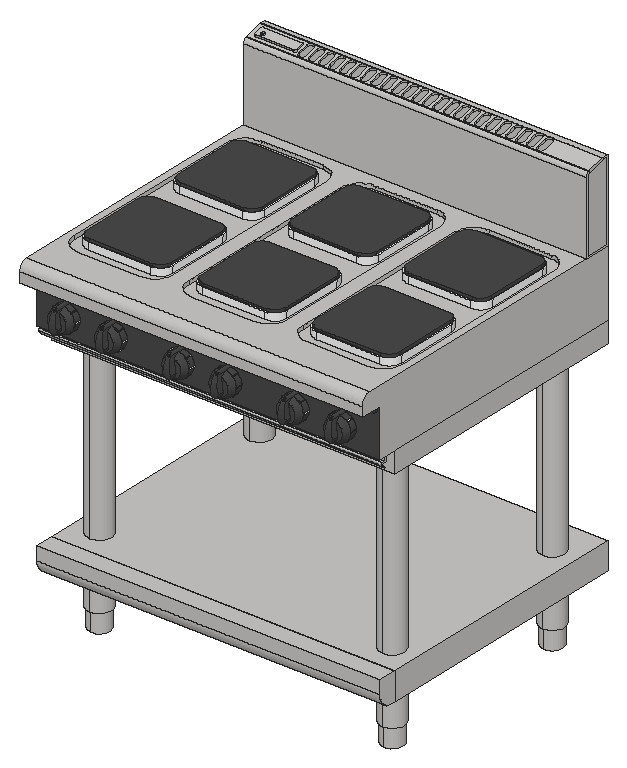
Revit family "QF_Moffat_RNB8600SE-LS_Electric_Cooktops_Sealed_Hobs_cat", category Specialty Equipment, Revit 2019
Family settings
  Round Connector Dimension = Use Diameter
  Part Type = Normal
  Work Plane-Based = No
  Always vertical = Yes
  Cut with Voids When Loaded = No
  Shared = No
  Room Calculation Point = No
Parameters
  Weight in Kilograms = 90
  Watts = 396 W
  Volts = 220 V
  URL Cutsheet = ""
  Specification by User = ""
  Specification by Manufacturer = ""
  Show Low Back [instance] = no
  Show Logo [instance] = yes
  Show High Back [instance] = not(Show Low Back)  # yes
  Serial Number = ""
  Seismic Rating = ""
  SMACNA No = ""
  Revision Code = ""
  Phase = 1
  Number of Poles = 1
  NAFEM Spec ID Number = ""
  Model = "RNB8600SE-LS"
  Min Ckt Ampacity = 0 A
  Max Overcurrent Protection = 0 A
  Masterspec = ""
  Manufacturer = "Moffat"
  Length = 900 mm
  Item Number = ""
  Installed By = ""
  Identify Quantity as Lot = yes
  Height = 1130 mm
  HP = ""
  Furnished By = ""
  Foodservice Equipment Identifier = yes
  FL Amps = 1.8 A
  Electrical Remarks = ""
  Electric Connection Type = ""
  Elec Conn RI Height = 0 mm
  Elec Conn Connection Height = 0 mm
  Description = "Electric Cooktops Sealed Hobs"
  Depth = 805 mm
  Cycle = 50 Hz
  Conn Plug = ""
  Conn Conduit = yes
  CSI MasterFormat = ""
  Apparent Power = if(Phase = 3, Volts * FL Amps * 1.73, Volts * FL Amps)  # 396 VA
Reference planes
  plane 1 "BACK": y = 0
  plane 2: z = 0
  plane 3 "LEFT": x = 0
  plane 4 "RIGHT": x = 900
  plane 5 "FRONT": y = -805
  plane 6 "TOP": z = 1130
  plane 7 "Center Y": x = 450
  plane 8 "Center X": y = -402.5
Dimensions and locks
  equal spacing: plane 3 "LEFT", plane 7 "Center Y", plane 4 "RIGHT"
  "Length": plane 3 "LEFT" to plane 4 "RIGHT"
  equal spacing: plane 5 "FRONT", plane 8 "Center X", plane 1 "BACK"
  "Depth": plane 5 "FRONT" to plane 1 "BACK"
  "Height": plane 6 "TOP" to level
  aligned and locked: level to plane 2
Nested families
  nested 1: "RN8600SE-LS" at (0, 0, 0), type "E516S-LS"
  nested 2: "High and Low Option" at (0, 0, 0), High Back <- "Show High Back", Low Back <- "Show Low Back", Show Logo <- "Show Logo", type "RNLB8610SE"
    with Show Logo 2 yes, Show Logo 1 no, Show Logo yes, Low Back no, High Back yes
Connectors
  electrical at (770, -30, 675)
    settings: on nested 1, index 1, voltage 0 V, apparent load 0 VA, apparent load phase1 0 VA, apparent load phase2 0 VA, apparent load phase3 0 VA, power factor 1, load classification "Other", number of poles 1, system type 30, power factor state 1, is connector primary yes, connector utility no, sub classification motor no, connector description ""
Definition of nested family "RN8600SE-LS"
  Parameters (values of type "E516S-LS")
    Weight in Kilograms = 135
    Watts = Volts * FL Amps  # 8800 W
    Volts = 400 V
    URL Cutsheet = ""
    Specification by User = ""
    Specification by Manufacturer = ""
    Serial Number = ""
    Seismic Rating = ""
    SMACNA No = ""
    Revision Code = ""
    Phase = 3
    Number of Poles = 1
    NAFEM Spec ID Number = ""
    Model = "RN8600SE-LS"
    Min Ckt Ampacity = 0 A
    Max Overcurrent Protection = 0 A
    Masterspec = ""
    Manufacturer = "Moffat"
    Length = 900 mm
    Item Number = ""
    Installed By = ""
    Identify Quantity as Lot = yes
    Height = 915 mm
    HP = ""
    Furnished By = ""
    Foodservice Equipment Identifier = yes
    FL Amps = 22 A
    Electrical Remarks = ""
    Electric Connection Type = ""
    Elec Conn RI Height = 0 mm
    Elec Conn Connection Height = 0 mm
    Description = "Electric Cooktops Sealed Hobs"
    Depth = 805 mm
    Cycle = 50 Hz
    Conn Plug = ""
    Conn Conduit = yes
    CSI MasterFormat = ""
    Apparent Power = if(Phase = 3, Volts * FL Amps * 1.73, Volts * FL Amps)  # 15224 VA
  Reference planes
    plane 1 "BACK": y = 0
    plane 2: z = 0
    plane 3 "LEFT": x = 0
    plane 4 "RIGHT": x = 900
    plane 5 "FRONT": y = -805
    plane 6 "TOP": z = 915
    plane 7 "Center Y": x = 450
    plane 8 "Center X": y = -402.5
    plane 9: x = 65.5
    plane 10: x = 87.5
    plane 11: x = 211.766
    plane 12: y = -30
    plane 13: x = 770
    plane 14: x = 512.5
    plane 15: x = 388.234
    plane 16: x = 834.5
    plane 17: y = -100
    plane 18: y = -625
    plane 19: x = 812.5
    plane 20: x = 688.234
  Forms (mm)
    Extrusion 1, solid
      sketch origin (0, 0, 600) x (0, 1, 0) y (0, 0, 1)
        loop
          line (0, 140) -> (0, 315) -> (-781, 315)
          arc (-781, 315) -> (-797.971, 307.971) -> (-805, 291) r 24
          line (-805, 291) -> (-805, 266) -> (-749, 266) -> (-749, 140) -> (0, 140)
      from 0 to 900
    Extrusion 2, void
      sketch origin (0, -773.8, 915) x (0, 1, 0) y (-1, 0, 0)
        loop
          arc (673.6, -69) -> (658.955, -33.645) -> (623.6, -19) r 50
          line (623.6, -19) -> (123.399, -19)
          arc (123.399, -19) -> (88.044, -33.645) -> (73.399, -69) r 50
          line (73.399, -69) -> (73.399, -231)
          arc (73.399, -231) -> (88.044, -266.355) -> (123.399, -281) r 50
          line (123.399, -281) -> (623.6, -281)
          arc (623.6, -281) -> (658.955, -266.355) -> (673.6, -231) r 50
          line (673.6, -231) -> (673.6, -69)
        loop
          line (673.6, -831) -> (673.6, -669)
          arc (673.6, -669) -> (658.955, -633.645) -> (623.6, -619) r 50
          line (623.6, -619) -> (123.399, -619)
          arc (123.399, -619) -> (88.044, -633.645) -> (73.399, -669) r 50
          line (73.399, -669) -> (73.399, -831)
          arc (73.399, -831) -> (88.044, -866.355) -> (123.399, -881) r 50
          line (123.399, -881) -> (623.6, -881)
          arc (623.6, -881) -> (658.955, -866.355) -> (673.6, -831) r 50
        loop
          line (73.399, -369) -> (73.399, -531)
          arc (73.399, -531) -> (88.044, -566.355) -> (123.399, -581) r 50
          line (123.399, -581) -> (623.6, -581)
          arc (623.6, -581) -> (658.955, -566.355) -> (673.6, -531) r 50
          line (673.6, -531) -> (673.6, -369)
          arc (673.6, -369) -> (658.955, -333.645) -> (623.6, -319) r 50
          line (623.6, -319) -> (123.399, -319)
          arc (123.399, -319) -> (88.044, -333.645) -> (73.399, -369) r 50
      from 0 to -9.5
    Extrusion 3, solid
      sketch origin (0, -773.8, 905.5) x (0, 1, 0) y (-1, 0, 0)
        loop
          arc (637.6, -68) -> (628.227, -45.373) -> (605.6, -36) r 32
          line (605.6, -36) -> (441.399, -36)
          arc (441.399, -36) -> (418.772, -45.373) -> (409.399, -68) r 32
          line (409.399, -68) -> (409.399, -232)
          arc (409.399, -232) -> (418.772, -254.627) -> (441.399, -264) r 32
          line (441.399, -264) -> (605.6, -264)
          arc (605.6, -264) -> (628.227, -254.627) -> (637.6, -232) r 32
          line (637.6, -232) -> (637.6, -68)
        loop
          arc (337.399, -68) -> (328.027, -45.373) -> (305.399, -36) r 32
          line (305.399, -36) -> (141.399, -36)
          arc (141.399, -36) -> (118.772, -45.373) -> (109.399, -68) r 32
          line (109.399, -68) -> (109.399, -232)
          arc (109.399, -232) -> (118.772, -254.627) -> (141.399, -264) r 32
          line (141.399, -264) -> (305.399, -264)
          arc (305.399, -264) -> (328.027, -254.627) -> (337.399, -232) r 32
          line (337.399, -232) -> (337.399, -68)
        loop
          arc (637.6, -368) -> (628.227, -345.373) -> (605.6, -336) r 32
          line (605.6, -336) -> (441.399, -336)
          arc (441.399, -336) -> (418.772, -345.373) -> (409.399, -368) r 32
          line (409.399, -368) -> (409.399, -532)
          arc (409.399, -532) -> (418.772, -554.627) -> (441.399, -564) r 32
          line (441.399, -564) -> (605.6, -564)
          arc (605.6, -564) -> (628.227, -554.627) -> (637.6, -532) r 32
          line (637.6, -532) -> (637.6, -368)
        loop
          arc (409.399, -832) -> (418.772, -854.627) -> (441.399, -864) r 32
          line (441.399, -864) -> (605.6, -864)
          arc (605.6, -864) -> (628.227, -854.627) -> (637.6, -832) r 32
          line (637.6, -832) -> (637.6, -668)
          arc (637.6, -668) -> (628.227, -645.373) -> (605.6, -636) r 32
          line (605.6, -636) -> (441.399, -636)
          arc (441.399, -636) -> (418.772, -645.373) -> (409.399, -668) r 32
          line (409.399, -668) -> (409.399, -832)
        loop
          arc (337.399, -368) -> (328.027, -345.373) -> (305.399, -336) r 32
          line (305.399, -336) -> (141.399, -336)
          arc (141.399, -336) -> (118.772, -345.373) -> (109.399, -368) r 32
          line (109.399, -368) -> (109.399, -532)
          arc (109.399, -532) -> (118.772, -554.627) -> (141.399, -564) r 32
          line (141.399, -564) -> (305.399, -564)
          arc (305.399, -564) -> (328.027, -554.627) -> (337.399, -532) r 32
          line (337.399, -532) -> (337.399, -368)
        loop
          arc (109.399, -832) -> (118.772, -854.627) -> (141.399, -864) r 32
          line (141.399, -864) -> (305.399, -864)
          arc (305.399, -864) -> (328.027, -854.627) -> (337.399, -832) r 32
          line (337.399, -832) -> (337.399, -668)
          arc (337.399, -668) -> (328.027, -645.373) -> (305.399, -636) r 32
          line (305.399, -636) -> (141.399, -636)
          arc (141.399, -636) -> (118.772, -645.373) -> (109.399, -668) r 32
          line (109.399, -668) -> (109.399, -832)
      from 0 to 17.8
    Extrusion 4, solid
      sketch origin (0, -773.8, 923.3) x (0, 1, 0) y (-1, 0, 0)
        loop
          arc (633.6, -67) -> (625.692, -47.908) -> (606.6, -40) r 27
          line (606.6, -40) -> (440.399, -40)
          arc (440.399, -40) -> (421.308, -47.908) -> (413.399, -67) r 27
          line (413.399, -67) -> (413.399, -233)
          arc (413.399, -233) -> (421.308, -252.092) -> (440.399, -260) r 27
          line (440.399, -260) -> (606.6, -260)
          arc (606.6, -260) -> (625.692, -252.092) -> (633.6, -233) r 27
          line (633.6, -233) -> (633.6, -67)
        loop
          arc (333.399, -67) -> (325.491, -47.908) -> (306.399, -40) r 27
          line (306.399, -40) -> (140.399, -40)
          arc (140.399, -40) -> (121.308, -47.908) -> (113.399, -67) r 27
          line (113.399, -67) -> (113.399, -233)
          arc (113.399, -233) -> (121.308, -252.092) -> (140.399, -260) r 27
          line (140.399, -260) -> (306.399, -260)
          arc (306.399, -260) -> (325.491, -252.092) -> (333.399, -233) r 27
          line (333.399, -233) -> (333.399, -67)
        loop
          line (633.6, -833) -> (633.6, -667)
          arc (633.6, -667) -> (625.692, -647.908) -> (606.6, -640) r 27
          line (606.6, -640) -> (440.399, -640)
          arc (440.399, -640) -> (421.308, -647.908) -> (413.399, -667) r 27
          line (413.399, -667) -> (413.399, -833)
          arc (413.399, -833) -> (421.308, -852.092) -> (440.399, -860) r 27
          line (440.399, -860) -> (606.6, -860)
          arc (606.6, -860) -> (625.692, -852.092) -> (633.6, -833) r 27
        loop
          line (413.399, -367) -> (413.399, -533)
          arc (413.399, -533) -> (421.308, -552.092) -> (440.399, -560) r 27
          line (440.399, -560) -> (606.6, -560)
          arc (606.6, -560) -> (625.692, -552.092) -> (633.6, -533) r 27
          line (633.6, -533) -> (633.6, -367)
          arc (633.6, -367) -> (625.692, -347.908) -> (606.6, -340) r 27
          line (606.6, -340) -> (440.399, -340)
          arc (440.399, -340) -> (421.308, -347.908) -> (413.399, -367) r 27
        loop
          line (333.399, -833) -> (333.399, -667)
          arc (333.399, -667) -> (325.491, -647.908) -> (306.399, -640) r 27
          line (306.399, -640) -> (140.399, -640)
          arc (140.399, -640) -> (121.308, -647.908) -> (113.399, -667) r 27
          line (113.399, -667) -> (113.399, -833)
          arc (113.399, -833) -> (121.308, -852.092) -> (140.399, -860) r 27
          line (140.399, -860) -> (306.399, -860)
          arc (306.399, -860) -> (325.491, -852.092) -> (333.399, -833) r 27
        loop
          line (113.399, -367) -> (113.399, -533)
          arc (113.399, -533) -> (121.308, -552.092) -> (140.399, -560) r 27
          line (140.399, -560) -> (306.399, -560)
          arc (306.399, -560) -> (325.491, -552.092) -> (333.399, -533) r 27
          line (333.399, -533) -> (333.399, -367)
          arc (333.399, -367) -> (325.491, -347.908) -> (306.399, -340) r 27
          line (306.399, -340) -> (140.399, -340)
          arc (140.399, -340) -> (121.308, -347.908) -> (113.399, -367) r 27
      from 0 to 6.1
    Extrusion 5, solid
      sketch origin (0, 0, 600) x (0, 1, 0) y (0, 0, 1)
        loop
          line (-699, 85) -> (0, 85) -> (0, 140) -> (-699, 140) -> (-699, 85)
      from 0 to 900
    Extrusion 6, solid
      sketch origin (0, 0, 600) x (0, 1, 0) y (0, 0, 1)
        loop
          line (-730.6, 140) -> (-730.6, 130) -> (-740.105, 130)
          arc (-740.105, 130) -> (-743.076, 128.015) -> (-742.379, 124.511) r 3.215
          line (-742.379, 124.511) -> (-731.85, 113.982) -> (-730.719, 115.113) -> (-741.247, 125.642)
          arc (-741.247, 125.642) -> (-741.597, 127.403) -> (-740.105, 128.4) r 1.615
          line (-740.105, 128.4) -> (-729, 128.4) -> (-729, 140) -> (-730.6, 140)
      from 0 to 900
    Extrusion 7, solid
      sketch origin (450, 175.397, 1819.2) x (0, 1, 0) y (0, 0, 1)
        loop
          line (-874.397, -1109.2) -> (-889.234, -1109.2)
          arc (-889.234, -1109.2) -> (-890.834, -1110.8) -> (-889.234, -1112.4) r 1.6
          line (-889.234, -1112.4) -> (-874.397, -1112.4) -> (-874.397, -1109.2)
      from -400 to 400
    Extrusion 8, solid
      sketch origin (0, -749, 711.25) x (0, 0, 1) y (-1, 0, 0)
        loop
          circle (129.8, -732.5) r 7.15
        loop
          circle (129.8, -857.5) r 7.15
        loop
          circle (129.8, -431.766) r 7.15
        loop
          circle (129.8, -556.766) r 7.15
        loop
          circle (129.8, -131.031) r 7.15
        loop
          circle (129.8, -256.031) r 7.15
      from 0 to 1.6
    Extrusion 9, solid
      sketch origin (0, -749, 711.25) x (0, 0, 1) y (-1, 0, 0)
        loop
          circle (142.343, -13.157) r 5
        loop
          circle (142.343, -886.843) r 5
      from 0 to 1.6
    Extrusion 10, solid
      sketch origin (-6096, 287.266, 675) x (0, 1, 0) y (-1, 0, 0)
        loop
          circle (-317.266, -6866) r 6.35
      from 10 to 0
    Extrusion 11, solid
      sketch origin (0, 0, 0) x (0, 1, 0) y (0, 0, 1)
        loop
          line (-749, 222.5) -> (-749, 188)
          arc (-749, 188) -> (-737.87, 161.13) -> (-711, 150) r 38
          line (-711, 150) -> (-699, 150) -> (-699, 222.5) -> (-749, 222.5)
      from 0 to 900
    Revolve 12, solid
      sketch origin (65.5, -4572, -304.8) x (0, 0, -1) y (0, -1, 0)
        loop
          line (-304.8, -3947) -> (-989.8, -3947) -> (-989.8, -3978.75) -> (-354.8, -3978.75) -> (-354.8, -3974.5) -> (-304.8, -3974.5) -> (-304.8, -3947)
        axis (-989.8, -3947) -> (-304.8, -3947)
      angle from 0 to 360
    Revolve 13, solid
      sketch origin (834.5, -4572, -304.8) x (0, 0, -1) y (0, 1, 0)
        loop
          line (-304.8, 3947) -> (-304.8, 3974.5) -> (-354.8, 3974.5) -> (-354.8, 3978.75) -> (-989.8, 3978.75) -> (-989.8, 3947) -> (-304.8, 3947)
        axis (-989.8, 3947) -> (-304.8, 3947)
      angle from 0 to 360
    Extrusion 14, solid
      sketch origin (0, 0, 0) x (0, 1, 0) y (0, 0, 1)
        loop
          line (-699, 222.5) -> (-699, 150) -> (0, 150) -> (0, 222.5) -> (-699, 222.5)
      from 0 to 900
    Revolve 15, solid
      sketch origin (834.5, 3847, -304.8) x (0, 0, -1) y (0, 1, 0)
        loop
          line (-304.8, -3947) -> (-989.8, -3947) -> (-989.8, -3978.75) -> (-354.8, -3978.75) -> (-354.8, -3974.5) -> (-304.8, -3974.5) -> (-304.8, -3947)
        axis (-989.8, -3947) -> (-304.8, -3947)
      angle from 0 to 360
    Revolve 16, solid
      sketch origin (65.5, 3847, -304.8) x (0, 0, -1) y (0, -1, 0)
        loop
          line (-304.8, 3947) -> (-304.8, 3974.5) -> (-354.8, 3974.5) -> (-354.8, 3978.75) -> (-989.8, 3978.75) -> (-989.8, 3947) -> (-304.8, 3947)
        axis (-989.8, 3947) -> (-304.8, 3947)
      angle from 0 to 360
  Cuts and joins
    Extrusion 2 cuts Extrusion 1
    joined: Extrusion 5, Extrusion 11
    joined: Revolve 12, Revolve 13, Extrusion 14, Revolve 15, Revolve 16
  Lines and regions (mm)
    symbolic lines
      curve 1: line (0, 0, 0) -> (900, 0, 0)
      curve 2: line (0, -805, 0) -> (0, 0, 0)
      curve 3: line (900, -805, 0) -> (0, -805, 0)
      curve 4: line (900, 0, 0) -> (900, -805, 0)
      curve 5: arc (19, -150.2, 0) -> (33.645, -114.845, 0) -> (69, -100.2, 0) r 50
      curve 6: line (69, -100.2, 0) -> (231, -100.2, 0)
      curve 7: arc (231, -100.2, 0) -> (266.355, -114.845, 0) -> (281, -150.2, 0) r 50
      curve 8: line (281, -150.2, 0) -> (281, -650.401, 0)
      curve 9: arc (281, -650.401, 0) -> (266.355, -685.756, 0) -> (231, -700.401, 0) r 50
      curve 10: line (231, -700.401, 0) -> (69, -700.401, 0)
      curve 11: arc (69, -700.401, 0) -> (33.645, -685.756, 0) -> (19, -650.401, 0) r 50
      curve 12: line (19, -650.401, 0) -> (19, -150.2, 0)
      curve 13: line (232, -136.2, 0) -> (68, -136.2, 0)
      curve 14: arc (68, -136.2, 0) -> (45.373, -145.573, 0) -> (36, -168.2, 0) r 32
      curve 15: line (36, -168.2, 0) -> (36, -332.401, 0)
      curve 16: arc (36, -332.401, 0) -> (45.373, -355.028, 0) -> (68, -364.401, 0) r 32
      curve 17: line (68, -364.401, 0) -> (232, -364.401, 0)
      curve 18: arc (232, -364.401, 0) -> (254.627, -355.028, 0) -> (264, -332.401, 0) r 32
      curve 19: line (264, -332.401, 0) -> (264, -168.2, 0)
      curve 20: arc (264, -168.2, 0) -> (254.627, -145.573, 0) -> (232, -136.2, 0) r 32
      curve 21: line (233, -140.2, 0) -> (67, -140.2, 0)
      curve 22: arc (67, -140.2, 0) -> (47.908, -148.108, 0) -> (40, -167.2, 0) r 27
      curve 23: line (40, -167.2, 0) -> (40, -333.401, 0)
      curve 24: arc (40, -333.401, 0) -> (47.908, -352.492, 0) -> (67, -360.401, 0) r 27
      curve 25: line (67, -360.401, 0) -> (233, -360.401, 0)
      curve 26: arc (233, -360.401, 0) -> (252.092, -352.492, 0) -> (260, -333.401, 0) r 27
      curve 27: line (260, -333.401, 0) -> (260, -167.2, 0)
      curve 28: arc (260, -167.2, 0) -> (252.092, -148.108, 0) -> (233, -140.2, 0) r 27
      curve 29: line (232, -436.401, 0) -> (68, -436.401, 0)
      curve 30: arc (68, -436.401, 0) -> (45.373, -445.773, 0) -> (36, -468.401, 0) r 32
      curve 31: line (36, -468.401, 0) -> (36, -632.401, 0)
      curve 32: arc (36, -632.401, 0) -> (45.373, -655.028, 0) -> (68, -664.401, 0) r 32
      curve 33: line (68, -664.401, 0) -> (232, -664.401, 0)
      curve 34: arc (232, -664.401, 0) -> (254.627, -655.028, 0) -> (264, -632.401, 0) r 32
      curve 35: line (264, -632.401, 0) -> (264, -468.401, 0)
      curve 36: arc (264, -468.401, 0) -> (254.627, -445.773, 0) -> (232, -436.401, 0) r 32
      curve 37: line (233, -440.401, 0) -> (67, -440.401, 0)
      curve 38: arc (67, -440.401, 0) -> (47.908, -448.309, 0) -> (40, -467.401, 0) r 27
      curve 39: line (40, -467.401, 0) -> (40, -633.401, 0)
      curve 40: arc (40, -633.401, 0) -> (47.908, -652.492, 0) -> (67, -660.401, 0) r 27
      curve 41: line (67, -660.401, 0) -> (233, -660.401, 0)
      curve 42: arc (233, -660.401, 0) -> (252.092, -652.492, 0) -> (260, -633.401, 0) r 27
      curve 43: line (260, -633.401, 0) -> (260, -467.401, 0)
      curve 44: arc (260, -467.401, 0) -> (252.092, -448.309, 0) -> (233, -440.401, 0) r 27
      curve 45: arc (367, -440.401, 0) -> (347.908, -448.309, 0) -> (340, -467.401, 0) r 27
      curve 46: line (340, -467.401, 0) -> (340, -633.401, 0)
      curve 47: arc (340, -633.401, 0) -> (347.908, -652.492, 0) -> (367, -660.401, 0) r 27
      curve 48: line (367, -660.401, 0) -> (533, -660.401, 0)
      curve 49: arc (533, -660.401, 0) -> (552.092, -652.492, 0) -> (560, -633.401, 0) r 27
      curve 50: line (560, -633.401, 0) -> (560, -467.401, 0)
      curve 51: arc (560, -467.401, 0) -> (552.092, -448.309, 0) -> (533, -440.401, 0) r 27
      curve 52: line (533, -440.401, 0) -> (367, -440.401, 0)
      curve 53: arc (368, -436.401, 0) -> (345.373, -445.773, 0) -> (336, -468.401, 0) r 32
      curve 54: line (336, -468.401, 0) -> (336, -632.401, 0)
      curve 55: arc (336, -632.401, 0) -> (345.373, -655.028, 0) -> (368, -664.401, 0) r 32
      curve 56: line (368, -664.401, 0) -> (532, -664.401, 0)
      curve 57: arc (532, -664.401, 0) -> (554.627, -655.028, 0) -> (564, -632.401, 0) r 32
      curve 58: line (564, -632.401, 0) -> (564, -468.401, 0)
      curve 59: arc (564, -468.401, 0) -> (554.627, -445.773, 0) -> (532, -436.401, 0) r 32
      curve 60: line (532, -436.401, 0) -> (368, -436.401, 0)
      curve 61: line (319, -650.401, 0) -> (319, -150.2, 0)
      curve 62: arc (319, -150.2, 0) -> (333.645, -114.845, 0) -> (369, -100.2, 0) r 50
      curve 63: line (369, -100.2, 0) -> (531, -100.2, 0)
      curve 64: arc (531, -100.2, 0) -> (566.355, -114.845, 0) -> (581, -150.2, 0) r 50
      curve 65: line (581, -150.2, 0) -> (581, -650.401, 0)
      curve 66: arc (581, -650.401, 0) -> (566.355, -685.756, 0) -> (531, -700.401, 0) r 50
      curve 67: line (531, -700.401, 0) -> (369, -700.401, 0)
      curve 68: arc (369, -700.401, 0) -> (333.645, -685.756, 0) -> (319, -650.401, 0) r 50
      curve 69: arc (368, -136.2, 0) -> (345.373, -145.573, 0) -> (336, -168.2, 0) r 32
      curve 70: line (336, -168.2, 0) -> (336, -332.401, 0)
      curve 71: arc (336, -332.401, 0) -> (345.373, -355.028, 0) -> (368, -364.401, 0) r 32
      curve 72: line (368, -364.401, 0) -> (532, -364.401, 0)
      curve 73: arc (532, -364.401, 0) -> (554.627, -355.028, 0) -> (564, -332.401, 0) r 32
      curve 74: line (564, -332.401, 0) -> (564, -168.2, 0)
      curve 75: arc (564, -168.2, 0) -> (554.627, -145.573, 0) -> (532, -136.2, 0) r 32
      curve 76: line (532, -136.2, 0) -> (368, -136.2, 0)
      curve 77: arc (367, -140.2, 0) -> (347.908, -148.108, 0) -> (340, -167.2, 0) r 27
      curve 78: line (340, -167.2, 0) -> (340, -333.401, 0)
      curve 79: arc (340, -333.401, 0) -> (347.908, -352.492, 0) -> (367, -360.401, 0) r 27
      curve 80: line (367, -360.401, 0) -> (533, -360.401, 0)
      curve 81: arc (533, -360.401, 0) -> (552.092, -352.492, 0) -> (560, -333.401, 0) r 27
      curve 82: line (560, -333.401, 0) -> (560, -167.2, 0)
      curve 83: arc (560, -167.2, 0) -> (552.092, -148.108, 0) -> (533, -140.2, 0) r 27
      curve 84: line (533, -140.2, 0) -> (367, -140.2, 0)
      curve 85: line (619, -650.401, 0) -> (619, -150.2, 0)
      curve 86: arc (619, -150.2, 0) -> (633.645, -114.845, 0) -> (669, -100.2, 0) r 50
      curve 87: line (669, -100.2, 0) -> (831, -100.2, 0)
      curve 88: arc (831, -100.2, 0) -> (866.355, -114.845, 0) -> (881, -150.2, 0) r 50
      curve 89: line (881, -150.2, 0) -> (881, -650.401, 0)
      curve 90: line (831, -700.401, 0) -> (669, -700.401, 0)
      curve 91: arc (669, -700.401, 0) -> (633.645, -685.756, 0) -> (619, -650.401, 0) r 50
      curve 92: arc (636, -632.401, 0) -> (645.373, -655.028, 0) -> (668, -664.401, 0) r 32
      curve 93: line (668, -664.401, 0) -> (832, -664.401, 0)
      curve 94: arc (832, -664.401, 0) -> (854.627, -655.028, 0) -> (864, -632.401, 0) r 32
      curve 95: line (864, -632.401, 0) -> (864, -468.401, 0)
      curve 96: arc (864, -468.401, 0) -> (854.627, -445.773, 0) -> (832, -436.401, 0) r 32
      curve 97: line (832, -436.401, 0) -> (668, -436.401, 0)
      curve 98: arc (668, -436.401, 0) -> (645.373, -445.773, 0) -> (636, -468.401, 0) r 32
      curve 99: line (636, -468.401, 0) -> (636, -632.401, 0)
      curve 100: arc (640, -633.401, 0) -> (647.908, -652.492, 0) -> (667, -660.401, 0) r 27
      curve 101: line (667, -660.401, 0) -> (833, -660.401, 0)
      curve 102: arc (833, -660.401, 0) -> (852.092, -652.492, 0) -> (860, -633.401, 0) r 27
      curve 103: line (860, -633.401, 0) -> (860, -467.401, 0)
      curve 104: arc (860, -467.401, 0) -> (852.092, -448.309, 0) -> (833, -440.401, 0) r 27
      curve 105: line (833, -440.401, 0) -> (667, -440.401, 0)
      curve 106: arc (667, -440.401, 0) -> (647.908, -448.309, 0) -> (640, -467.401, 0) r 27
      curve 107: line (640, -467.401, 0) -> (640, -633.401, 0)
      curve 108: line (832, -136.2, 0) -> (668, -136.2, 0)
      curve 109: arc (668, -136.2, 0) -> (645.373, -145.573, 0) -> (636, -168.2, 0) r 32
      curve 110: line (636, -168.2, 0) -> (636, -332.401, 0)
      curve 111: arc (636, -332.401, 0) -> (645.373, -355.028, 0) -> (668, -364.401, 0) r 32
      curve 112: line (668, -364.401, 0) -> (832, -364.401, 0)
      curve 113: arc (832, -364.401, 0) -> (854.627, -355.028, 0) -> (864, -332.401, 0) r 32
      curve 114: line (864, -332.401, 0) -> (864, -168.2, 0)
      curve 115: arc (864, -168.2, 0) -> (854.627, -145.573, 0) -> (832, -136.2, 0) r 32
      curve 116: line (833, -140.2, 0) -> (667, -140.2, 0)
      curve 117: arc (667, -140.2, 0) -> (647.908, -148.108, 0) -> (640, -167.2, 0) r 27
      curve 118: line (640, -167.2, 0) -> (640, -333.401, 0)
      curve 119: arc (640, -333.401, 0) -> (647.908, -352.492, 0) -> (667, -360.401, 0) r 27
      curve 120: line (667, -360.401, 0) -> (833, -360.401, 0)
      curve 121: arc (833, -360.401, 0) -> (852.092, -352.492, 0) -> (860, -333.401, 0) r 27
      curve 122: line (860, -333.401, 0) -> (860, -167.2, 0)
      curve 123: arc (860, -167.2, 0) -> (852.092, -148.108, 0) -> (833, -140.2, 0) r 27
      curve 124: arc (831, -700.401, 0) -> (866.355, -685.756, 0) -> (881, -650.401, 0) r 50
  Dimensions and locks
    equal spacing: plane 3 "LEFT", plane 7 "Center Y", plane 4 "RIGHT"
    "Length": plane 3 "LEFT" to plane 4 "RIGHT"
    equal spacing: plane 5 "FRONT", plane 8 "Center X", plane 1 "BACK"
    "Depth": plane 5 "FRONT" to plane 1 "BACK"
    plane 4 "RIGHT" to plane 3 "LEFT" = 900 mm
    plane 1 "BACK" to plane 5 "FRONT" = 805 mm
    plane 6 "TOP" to plane 2 = 915 mm
    cut or joined group of Extrusion 1, Extrusion 2 to plane 2 = 915 mm
    locked: plane 13 to plane 4 "RIGHT" at 130
    plane 9 to plane 16 = 769 mm
    plane 1 "BACK" to plane 17 = 100 mm
    plane 17 to plane 18 = 525 mm
    plane 1 "BACK" to plane 12 = 30 mm
    plane 5 "FRONT" to plane 1 "BACK" = 805 mm
    "Height": plane 6 "TOP" to level
    aligned and locked: level to plane 2
  Automatic sketch dimensions
    Extrusion 1 sketch curve to plane 5 "FRONT" = 0 mm
    Extrusion 1 sketch curve to plane 5 "FRONT" = 24 mm
    Extrusion 1 sketch curve to Extrusion 1 sketch curve = 32 mm
    Extrusion 1 sketch curve to Extrusion 1 sketch curve = 25 mm
    Extrusion 2 sketch curve to Extrusion 1 = 80.599 mm  (x3)
    Extrusion 2 sketch curve to Extrusion 2 sketch curve = 50 mm  (x7)
    Extrusion 2 sketch curve to Extrusion 2 sketch curve = 0 mm  (x4)
    Extrusion 1 to Extrusion 2 sketch curve = 19 mm  (x2)
    Extrusion 2 sketch curve to Extrusion 2 sketch curve = 162 mm  (x2)
    Extrusion 2 sketch curve to Extrusion 2 sketch curve = 38 mm  (x2)
    Extrusion 3 sketch curve to Extrusion 2 = 36 mm  (x3)
    Extrusion 3 sketch curve to Extrusion 3 sketch curve = 32 mm  (x17)
    Extrusion 3 sketch curve to Extrusion 2 = 17 mm  (x9)
    Extrusion 3 sketch curve to Extrusion 2 = 49 mm  (x5)
    Extrusion 3 sketch curve to Extrusion 3 sketch curve = 164 mm  (x3)
    Extrusion 3 sketch curve to Extrusion 3 sketch curve = 0 mm  (x2)
    Extrusion 3 sketch curve to Extrusion 3 sketch curve = 72 mm  (x3)
    Extrusion 3 sketch curve to Extrusion 2 = 68 mm  (x6)
    Extrusion 4 sketch curve to Extrusion 3 = 4 mm  (x22)
    Extrusion 4 sketch curve to Extrusion 3 = 31 mm  (x22)
    Extrusion 4 sketch curve to Extrusion 4 sketch curve = 27 mm  (x4)
    Extrusion 5 sketch curve to plane 1 "BACK" = 0 mm
    plane 18 to Extrusion 5 sketch curve = 74 mm
    Extrusion 5 sketch curve to Extrusion 5 sketch curve = 55 mm
    Extrusion 6 sketch curve to Extrusion 6 sketch curve = 0 mm  (x3)
    Extrusion 6 sketch curve to plane 5 "FRONT" = 62.621 mm
    Extrusion 6 sketch curve to Extrusion 6 sketch curve = 1.131 mm  (x3)
    Extrusion 6 sketch curve to Extrusion 6 sketch curve = 1.142 mm  (x2)
    Extrusion 6 sketch curve to Extrusion 6 sketch curve = 10.529 mm
    Extrusion 6 sketch curve to Extrusion 6 sketch curve = 9.505 mm
    Extrusion 6 sketch curve to Extrusion 6 sketch curve = 1.6 mm
    Extrusion 6 sketch curve to Extrusion 6 sketch curve = 10 mm
    plane 18 to Extrusion 7 sketch curve = 88.837 mm
    Extrusion 7 sketch curve to Extrusion 7 sketch curve = 14.837 mm
    Extrusion 7 sketch curve to Extrusion 7 sketch curve = 1.6 mm
    Extrusion 8 sketch curve to Extrusion 1 = 24.95 mm  (x6)
    Extrusion 1 to Extrusion 8 sketch curve = 42.5 mm
    Extrusion 8 sketch curve to Extrusion 8 sketch curve = 125 mm  (x3)
    Extrusion 8 sketch curve to Extrusion 8 sketch curve = 175.734 mm  (x2)
    Extrusion 9 sketch curve to Extrusion 1 = 12.407 mm  (x2)
    Extrusion 1 to Extrusion 9 sketch curve = 13.157 mm  (x2)
    plane 12 to Extrusion 10 sketch curve = 0 mm
    Extrusion 10 sketch curve to plane 13 = 0 mm
    Extrusion 11 sketch curve to plane 5 "FRONT" = 56 mm
    Extrusion 11 sketch curve to Extrusion 11 sketch curve = 12 mm
    Extrusion 11 sketch curve to Extrusion 11 sketch curve = 34.5 mm
    Revolve 12 sketch curve to plane 18 = 0 mm  (x2)
    Revolve 12 sketch curve to level = 0 mm  (x2)
    Revolve 12 sketch curve to Revolve 12 sketch curve = 50 mm
    Revolve 12 sketch curve to plane 18 = 27.5 mm
    Revolve 12 sketch curve to Revolve 12 sketch curve = 31.75 mm
    Revolve 12 sketch curve to Revolve 12 sketch curve = 35 mm
    Revolve 13 sketch curve to plane 18 = 0 mm  (x2)
    Revolve 13 sketch curve to level = 0 mm  (x2)
    level to Revolve 13 sketch curve = 50 mm
    Revolve 13 sketch curve to Revolve 13 sketch curve = 27.5 mm
    Revolve 13 sketch curve to Revolve 13 sketch curve = 31.75 mm
    Revolve 13 sketch curve to Revolve 13 sketch curve = 35 mm
    Extrusion 14 sketch curve to plane 1 "BACK" = 0 mm
    plane 18 to Extrusion 14 sketch curve = 74 mm
    Extrusion 14 sketch curve to Extrusion 14 sketch curve = 72.5 mm
    Revolve 15 sketch curve to plane 17 = 0 mm  (x2)
    Revolve 15 sketch curve to level = 0 mm  (x2)
    Revolve 15 sketch curve to Revolve 15 sketch curve = 50 mm
    plane 17 to Revolve 15 sketch curve = 27.5 mm
    Revolve 15 sketch curve to Revolve 15 sketch curve = 31.75 mm
    Revolve 15 sketch curve to level = 35 mm
    Revolve 16 sketch curve to plane 17 = 0 mm  (x2)
    Revolve 16 sketch curve to level = 0 mm  (x2)
    Revolve 16 sketch curve to Revolve 16 sketch curve = 50 mm
    Revolve 16 sketch curve to Revolve 16 sketch curve = 27.5 mm
    Revolve 16 sketch curve to Revolve 16 sketch curve = 31.75 mm
    Revolve 16 sketch curve to level = 35 mm
    plane 1 "BACK" to curve 1 = 0 mm
    curve 1 to plane 3 "LEFT" = 0 mm
    curve 4 to plane 4 "RIGHT" = 0 mm
    plane 5 "FRONT" to curve 3 = 0 mm
    plane 3 "LEFT" to curve 12 = 19 mm
    curve 12 to curve 15 = 17 mm
    plane 9 to curve 31 = 29.5 mm
    curve 31 to curve 39 = 4 mm
    curve 15 to curve 23 = 4 mm
    curve 24 to plane 9 = 1.5 mm
    curve 22 to plane 9 = 1.5 mm
    curve 40 to plane 9 = 1.5 mm
    curve 38 to plane 9 = 1.5 mm
    curve 22 to curve 14 = 1 mm
    curve 24 to curve 16 = 1 mm
    curve 33 to plane 9 = 2.5 mm
    curve 38 to curve 30 = 1 mm
    curve 5 to plane 9 = 3.5 mm
    curve 10 to plane 9 = 3.5 mm
    plane 11 to curve 7 = 19.234 mm
    plane 11 to curve 10 = 19.234 mm
    plane 11 to curve 36 = 20.234 mm
    curve 9 to curve 34 = 1 mm
    plane 11 to curve 17 = 20.234 mm
    curve 7 to curve 13 = 1 mm
    curve 33 to curve 41 = 1 mm
    curve 20 to curve 21 = 1 mm
    curve 36 to curve 44 = 1 mm  (x2)
    curve 17 to curve 25 = 1 mm
    curve 26 to curve 27 = 27 mm
    curve 44 to curve 43 = 27 mm
    curve 43 to curve 35 = 4 mm
    curve 26 to curve 19 = 4 mm
    curve 19 to curve 8 = 17 mm
    curve 8 to curve 61 = 38 mm
    curve 62 to curve 70 = 17 mm
    plane 15 to curve 54 = 52.234 mm
    curve 53 to curve 46 = 4 mm
    curve 69 to curve 78 = 4 mm
    plane 18 to curve 47 = 8.401 mm
    plane 15 to curve 47 = 21.234 mm
    plane 15 to curve 80 = 21.234 mm
    plane 15 to curve 77 = 21.234 mm
    plane 15 to curve 52 = 21.234 mm
    curve 47 to curve 55 = 1 mm
    curve 45 to curve 53 = 1 mm
    curve 77 to curve 76 = 1 mm
    curve 79 to curve 72 = 1 mm
    curve 48 to curve 68 = 2 mm
    plane 17 to curve 63 = 0.2 mm
    plane 15 to curve 63 = 19.234 mm
    plane 14 to curve 67 = 18.5 mm
    plane 14 to curve 63 = 18.5 mm
    plane 14 to curve 72 = 19.5 mm
    curve 66 to curve 56 = 1 mm
    curve 64 to curve 76 = 1 mm
    plane 14 to curve 59 = 19.5 mm
    curve 59 to curve 52 = 1 mm
    curve 73 to curve 80 = 1 mm
    curve 75 to curve 83 = 1 mm
    curve 57 to curve 49 = 1 mm
    curve 51 to curve 50 = 27 mm
    curve 83 to curve 82 = 27 mm
    curve 83 to curve 74 = 4 mm
    curve 50 to curve 58 = 4 mm
    curve 57 to curve 65 = 17 mm
    curve 64 to curve 85 = 38 mm
    plane 20 to curve 99 = 52.234 mm
    plane 20 to curve 110 = 52.234 mm
    curve 99 to curve 107 = 4 mm
    curve 110 to curve 118 = 4 mm
    plane 20 to curve 119 = 21.234 mm
    plane 20 to curve 117 = 21.234 mm
    plane 20 to curve 106 = 21.234 mm
    plane 20 to curve 101 = 21.234 mm
    curve 101 to curve 93 = 1 mm
    curve 119 to curve 112 = 1 mm
    curve 117 to curve 108 = 1 mm
    curve 106 to curve 97 = 1 mm
    plane 20 to curve 90 = 19.234 mm
    curve 116 to curve 86 = 2 mm
    plane 17 to curve 87 = 0.2 mm
    curve 87 to plane 16 = 3.5 mm
    curve 115 to plane 16 = 2.5 mm
    curve 112 to plane 16 = 2.5 mm
    curve 93 to plane 16 = 2.5 mm
    curve 97 to plane 16 = 2.5 mm
    curve 96 to curve 104 = 1 mm
    curve 116 to plane 16 = 1.5 mm
    curve 94 to curve 102 = 1 mm
    curve 113 to curve 121 = 1 mm
    plane 16 to curve 122 = 25.5 mm
    plane 16 to curve 103 = 25.5 mm
    curve 103 to curve 95 = 4 mm
    curve 121 to curve 114 = 4 mm
    plane 4 "RIGHT" to curve 89 = 19 mm
    plane 18 to curve 90 = 75.401 mm
    plane 18 to curve 10 = 75.401 mm
    curve 67 to curve 47 = 40 mm
    curve 56 to curve 48 = 4 mm
    curve 33 to curve 11 = 14 mm
    curve 33 to curve 41 = 4 mm
    curve 93 to curve 101 = 4 mm
    curve 36 to plane 8 "Center X" = 65.901 mm
    curve 53 to plane 8 "Center X" = 65.901 mm
    curve 99 to plane 8 "Center X" = 65.901 mm
    curve 53 to curve 45 = 1 mm
    curve 98 to curve 106 = 1 mm
    plane 8 "Center X" to curve 112 = 38.099 mm
    plane 8 "Center X" to curve 17 = 38.099 mm
    plane 8 "Center X" to curve 72 = 38.099 mm
    curve 112 to curve 120 = 4 mm
    curve 71 to curve 80 = 4 mm
    curve 17 to curve 25 = 4 mm
    plane 17 to curve 14 = 68.2 mm
    curve 69 to curve 62 = 18 mm
    curve 110 to curve 86 = 18 mm
    curve 69 to curve 77 = 1 mm
    curve 110 to curve 118 = 1 mm
    curve 14 to curve 22 = 1 mm
    curve 7 to curve 28 = 10 mm
    curve 90 to plane 16 = 3.5 mm
    curve 89 to curve 94 = 18 mm
    Extrusion 1 sketch curve to plane 1 "BACK" = 0 mm
    Extrusion 1 to Extrusion 2 sketch curve = 150.2 mm  (x4)
    Extrusion 1 sketch curve to Extrusion 1 sketch curve = 126 mm
    Extrusion 1 sketch curve to plane 6 "TOP" = 0 mm
    Extrusion 5 sketch curve to plane 6 "TOP" = 230 mm
    Extrusion 6 sketch curve to plane 6 "TOP" = 201.018 mm
    Extrusion 7 sketch curve to plane 6 "TOP" = 208.2 mm
    Revolve 12 sketch curve to plane 6 "TOP" = 230 mm
    Revolve 13 sketch curve to plane 6 "TOP" = 230 mm
    Revolve 15 sketch curve to plane 6 "TOP" = 230 mm
    Revolve 16 sketch curve to plane 6 "TOP" = 230 mm
    Extrusion 11 sketch curve to Extrusion 11 sketch curve = 38 mm
    level to Extrusion 11 sketch curve = 150 mm
    level to Extrusion 14 sketch curve = 150 mm
    radius of Extrusion 8 sketch curve = 7.15 mm  (x6)
    radius of Extrusion 9 sketch curve = 5 mm  (x2)
    radius of Extrusion 10 sketch curve = 6.35 mm
  Nested families
    nested 1: "Knob" at (55.003, -749, 764.5), type "Knob"
    nested 2: "Knob" at (179.269, -749, 764.5), type "Knob"
    nested 3: "Knob" at (355.738, -749, 764.5), type "Knob"
    nested 4: "Knob" at (480.003, -749, 764.5), type "Knob"
    nested 5: "Knob" at (656.472, -749, 764.5), type "Knob"
    nested 6: "Knob" at (780.738, -749, 764.5), type "Knob"
  Definition of nested family "Knob"
    Parameters (values of type "Knob")
      Weight in Pounds = 0
      URL Cutsheet = ""
      Specification by User = ""
      Specification by Manufacturer = ""
      Serial Number = ""
      Seismic Rating = ""
      SMACNA No = ""
      Revision Code = ""
      NAFEM Spec ID Number = ""
      Masterspec = ""
      Length = 65 mm
      Item Number = ""
      Installed By = ""
      Identify Quantity as Lot = yes
      Height = 69.5 mm
      Furnished By = ""
      Foodservice Equipment Identifier = yes
      Depth = 59 mm
      CSI MasterFormat = ""
    Reference planes
      plane 1 "BACK": y = 0
      plane 2: z = 0
      plane 3 "LEFT": x = 0
      plane 4 "RIGHT": x = 65
      plane 5 "FRONT": y = -59
      plane 6 "TOP": z = 69.5
      plane 7 "Center Y": x = 32.5
      plane 8 "Center X": y = -29.5
    Forms (mm)
      Revolve 1, solid
        sketch origin (32.5, 175.397, 1219.2) x (0, 1, 0) y (0, 0, 1)
          loop
            line (-175.397, -1186.7) -> (-219.397, -1186.7) -> (-219.397, -1211.501) -> (-202.106, -1219.2) -> (-185.397, -1219.2) -> (-185.397, -1191.7) -> (-175.397, -1191.7) -> (-175.397, -1186.7)
          axis (-219.397, -1186.7) -> (-175.397, -1186.7)
        angle from 0 to 360
      Extrusion 2, solid
        sketch origin (32.5, 175.397, 1219.2) x (0, 1, 0) y (0, 0, 1)
          loop
            line (-202.106, -1154.2) -> (-185.397, -1154.2) -> (-185.397, -1149.7) -> (-224.105, -1149.7)
            arc (-224.105, -1149.7) -> (-233.965, -1178.467) -> (-230.696, -1208.7) r 70
            line (-230.696, -1208.7) -> (-219.397, -1208.7) -> (-219.397, -1161.899) -> (-202.106, -1154.2)
        from -15 to 15
      Extrusion 3, void
        sketch origin (0, 0, 0) x (1, 0, 0) y (0, 0, 1)
          loop
            line (27.501, 64.613) -> (22.02, 20.585)
            arc (22.02, 20.585) -> (32.792, 10.488) -> (42.986, 21.169) r 10.487
            line (42.986, 21.169) -> (37.499, 64.613)
            arc (37.499, 64.613) -> (32.5, 69.5) -> (27.501, 64.613) r 5
          loop
            line (10, 72.977) -> (10, 5.625) -> (55, 5.625) -> (55, 72.977) -> (10, 72.977)
        from 6.142 to 69.687
      Extrusion 4, solid
        sketch origin (0, -34.115, -16.916) x (1, 0, 0) y (0, 0.45399, 0.891007)
          loop
            circle (32.497, 65) r 2
        from 51.525 to 53.075
      Extrusion 5, solid
        sketch origin (32.5, -10, 32.5) x (0, 0, -1) y (-1, 0, 0)
          loop
            line (-23.54, -22.408) -> (-24.106, -22.974)
            arc (-24.106, -22.974) -> (-23.547, -23.547) -> (-22.974, -24.106) r 33.3
            line (-22.974, -24.106) -> (-22.408, -23.54)
            arc (-22.408, -23.54) -> (-22.981, -22.981) -> (-23.54, -22.408) r 32.5
          loop
            arc (-0.8, -33.29) -> (0, -33.3) -> (0.8, -33.29) r 33.3
            line (0.8, -33.29) -> (0.8, -32.49)
            arc (0.8, -32.49) -> (0, -32.5) -> (-0.8, -32.49) r 32.5
            line (-0.8, -32.49) -> (-0.8, -33.29)
          loop
            arc (23.54, -22.408) -> (22.981, -22.981) -> (22.408, -23.54) r 32.5
            line (22.408, -23.54) -> (22.974, -24.106)
            arc (22.974, -24.106) -> (23.547, -23.547) -> (24.106, -22.974) r 33.3
            line (24.106, -22.974) -> (23.54, -22.408)
          loop
            arc (-23.54, 22.408) -> (-22.981, 22.981) -> (-22.408, 23.54) r 32.5
            line (-22.408, 23.54) -> (-22.974, 24.106)
            arc (-22.974, 24.106) -> (-23.547, 23.547) -> (-24.106, 22.974) r 33.3
            line (-24.106, 22.974) -> (-23.54, 22.408)
          loop
            line (-0.8, 33.29) -> (-0.8, 32.49)
            arc (-0.8, 32.49) -> (0, 32.5) -> (0.8, 32.49) r 32.5
            line (0.8, 32.49) -> (0.8, 33.29)
            arc (0.8, 33.29) -> (0, 33.3) -> (-0.8, 33.29) r 33.3
          loop
            line (32.49, -0.8) -> (33.29, -0.8)
            arc (33.29, -0.8) -> (33.3, 0) -> (33.29, 0.8) r 33.3
            line (33.29, 0.8) -> (32.49, 0.8)
            arc (32.49, 0.8) -> (32.5, 0) -> (32.49, -0.8) r 32.5
          loop
            arc (24.106, 22.974) -> (23.547, 23.547) -> (22.974, 24.106) r 33.3
            line (22.974, 24.106) -> (22.408, 23.54)
            arc (22.408, 23.54) -> (22.981, 22.981) -> (23.54, 22.408) r 32.5
            line (23.54, 22.408) -> (24.106, 22.974)
        from 0 to -16.709
    Cuts and joins
      Extrusion 3 cuts Extrusion 2
    Dimensions and locks
      equal spacing: plane 3 "LEFT", plane 7 "Center Y", plane 4 "RIGHT"
      "Length": plane 3 "LEFT" to plane 4 "RIGHT"
      equal spacing: plane 5 "FRONT", plane 8 "Center X", plane 1 "BACK"
      "Depth": plane 5 "FRONT" to plane 1 "BACK"
      "Height": plane 6 "TOP" to level
      plane 4 "RIGHT" to plane 3 "LEFT" = 65 mm
      aligned and locked: level to plane 2
    Automatic sketch dimensions
      Revolve 1 sketch curve to level = 0 mm
      Revolve 1 sketch curve to plane 1 "BACK" = 0 mm  (x2)
      plane 1 "BACK" to Revolve 1 sketch curve = 10 mm
      plane 8 "Center X" to Revolve 1 sketch curve = 2.791 mm
      Revolve 1 sketch curve to plane 8 "Center X" = 14.5 mm
      level to Revolve 1 sketch curve = 7.699 mm
      level to Revolve 1 sketch curve = 27.5 mm
      Revolve 1 sketch curve to Revolve 1 sketch curve = 5 mm
      Revolve 1 sketch curve to Revolve 1 sketch curve = 35 mm
      Revolve 1 sketch curve to Revolve 1 sketch curve = 0 mm
      Extrusion 2 sketch curve to plane 6 "TOP" = 0 mm
      Extrusion 2 sketch curve to plane 5 "FRONT" = 3.702 mm
      Extrusion 2 sketch curve to plane 5 "FRONT" = 10.293 mm
      Extrusion 2 sketch curve to Extrusion 2 sketch curve = 11.298 mm
      plane 8 "Center X" to Extrusion 2 sketch curve = 2.791 mm
      plane 1 "BACK" to Extrusion 2 sketch curve = 10 mm
      Extrusion 2 sketch curve to plane 1 "BACK" = 11 mm
      Extrusion 2 sketch curve to plane 6 "TOP" = 4.5 mm
      Extrusion 2 sketch curve to plane 6 "TOP" = 12.199 mm
      level to Extrusion 2 sketch curve = 32.962 mm
      level to Extrusion 3 sketch curve = 5.625 mm
      Extrusion 3 sketch curve to plane 7 "Center Y" = 0 mm  (x2)
      Extrusion 3 sketch curve to plane 7 "Center Y" = 4.999 mm
      Extrusion 3 sketch curve to plane 7 "Center Y" = 10.48 mm
      plane 6 "TOP" to Extrusion 3 sketch curve = 3.477 mm
      plane 3 "LEFT" to Extrusion 3 sketch curve = 10 mm
      Extrusion 3 sketch curve to plane 6 "TOP" = 4.887 mm
      Extrusion 3 sketch curve to Extrusion 3 sketch curve = 4.999 mm
      plane 7 "Center Y" to Extrusion 3 sketch curve = 10.486 mm
      level to Extrusion 3 sketch curve = 20.585 mm
      Extrusion 3 sketch curve to Extrusion 3 sketch curve = 0.387 mm
      Extrusion 3 sketch curve to Extrusion 3 sketch curve = 0.113 mm
      plane 4 "RIGHT" to Extrusion 3 sketch curve = 10 mm
      Extrusion 5 sketch curve to Revolve 1 = 32.49 mm
      Revolve 1 to Extrusion 5 sketch curve = 32.49 mm
      Extrusion 5 sketch curve to Revolve 1 = 23.54 mm  (x2)
      Revolve 1 to Extrusion 5 sketch curve = 23.54 mm  (x2)
      Extrusion 5 sketch curve to Revolve 1 = 24.106 mm  (x2)
      Revolve 1 to Extrusion 5 sketch curve = 24.106 mm  (x2)
      Revolve 1 to Extrusion 5 sketch curve = 22.408 mm  (x2)
      Extrusion 5 sketch curve to Revolve 1 = 22.408 mm  (x2)
      Revolve 1 to Extrusion 5 sketch curve = 22.974 mm  (x2)
      Extrusion 5 sketch curve to Revolve 1 = 22.974 mm  (x2)
      Extrusion 5 sketch curve to Extrusion 5 sketch curve = 1.6 mm  (x2)
      Revolve 1 to Extrusion 5 sketch curve = 0.8 mm
      Extrusion 5 sketch curve to Revolve 1 = 0.8 mm
      Extrusion 4 sketch curve to plane 7 "Center Y" = 0.003 mm
      radius of Extrusion 5 sketch curve to Revolve 1 = 0 mm  (x7)
      radius of Revolve 1 to Extrusion 5 sketch curve = 0.8 mm  (x7)
      radius of Extrusion 4 sketch curve = 2 mm
Definition of nested family "High and Low Option"
  Parameters (values of type "RNLB8610SE")
    Weight in Kilograms = 0
    Watts = Volts * FL Amps  # 12400 W
    Volts = 400 V
    URL Cutsheet = ""
    Specification by User = ""
    Specification by Manufacturer = ""
    Show Logo 2 [instance] = and(Show Logo, High Back)  # yes
    Show Logo 1 [instance] = and(Show Logo, Low Back)  # yes
    Show Logo [instance] = yes
    Serial Number = ""
    Seismic Rating = ""
    SMACNA No = ""
    Revision Code = ""
    Phase = 3
    Number of Poles = 1
    NAFEM Spec ID Number = ""
    Model = ""
    Min Ckt Ampacity = 0 A
    Max Overcurrent Protection = 0 A
    Masterspec = ""
    Manufacturer = ""
    Low Back [instance] = yes
    Length = 900 mm
    Item Number = ""
    Installed By = ""
    Identify Quantity as Lot = yes
    High Back [instance] = yes
    Height = 970 mm
    HP = ""
    Furnished By = ""
    Foodservice Equipment Identifier = yes
    FL Amps = 31 A
    Electrical Remarks = ""
    Electric Connection Type = ""
    Elec Conn RI Height = 0 mm
    Elec Conn Connection Height = 0 mm
    Description = ""
    Depth = 805 mm
    Cycle = 50 Hz
    Conn Plug = ""
    Conn Conduit = yes
    CSI MasterFormat = ""
    Apparent Power = if(Phase = 3, Volts * FL Amps * 1.73, Volts * FL Amps)  # 21452 VA
  Reference planes
    plane 1 "BACK": y = 0
    plane 2: z = 0
    plane 3 "LEFT": x = 0
    plane 4 "RIGHT": x = 900
    plane 5 "FRONT": y = -805
    plane 6 "TOP": z = 970
    plane 7 "Center Y": x = 450
    plane 8 "Center X": y = -402.5
    plane 9: x = 65.5
    plane 10: x = 834.5
    plane 11: z = 150
    plane 12: z = 675
    plane 13: z = 1130
    plane 14: z = 934.75
  Forms (mm)
    Extrusion 1, solid, visible <- "Low Back"
      sketch origin (0, 0, 600) x (0, 1, 0) y (0, 0, 1)
        loop
          line (-70, 315) -> (0, 315) -> (0, 370) -> (-55, 370) -> (-70, 355) -> (-70, 315)
      from 0 to 900
    Extrusion 2, solid, visible <- "High Back"
      sketch origin (0, 0, 0) x (0, 1, 0) y (0, 0, 1)
        loop
          line (-70, 915) -> (0, 915) -> (0, 1130) -> (-15, 1130) -> (-14.143, 1126.8) -> (-3.2, 1126.8) -> (-3.2, 918.2) -> (-66.8, 918.2) -> (-66.8, 1106.055)
          arc (-66.8, 1106.055) -> (-64.982, 1111.412) -> (-60.278, 1114.555) r 8.8
          line (-60.278, 1114.555) -> (-61.106, 1117.646)
          arc (-61.106, 1117.646) -> (-67.52, 1113.36) -> (-70, 1106.055) r 12
          line (-70, 1106.055) -> (-70, 915)
      from 0 to 900
    Extrusion 3, solid, visible <- "High Back"
      sketch origin (0, 0, 0) x (0, 1, 0) y (0, 0, 1)
        loop
          line (-60.306, 1114.66) -> (-15, 1126.8) -> (-3.2, 1126.8) -> (-3.2, 918.2) -> (-66.8, 918.2) -> (-66.8, 1106.055)
          arc (-66.8, 1106.055) -> (-64.982, 1111.412) -> (-60.278, 1114.555) r 8.8
      from 0 to 3.2
    Extrusion 4, solid, visible <- "High Back"
      sketch origin (900, 0, 0) x (0, 1, 0) y (0, 0, -1)
        loop
          line (-60.306, -1114.66) -> (-15, -1126.8) -> (-3.2, -1126.8) -> (-3.2, -918.2) -> (-66.8, -918.2) -> (-66.8, -1106.055)
          arc (-66.8, -1106.055) -> (-64.982, -1111.412) -> (-60.278, -1114.555) r 8.8
      from 0 to 3.2
    Extrusion 5, solid, visible <- "High Back"
      sketch origin (0, -15, 1130) x (0, -0.965926, -0.258819) y (1, 0, 0)
        loop
          line (47.732, 900) -> (0, 900) -> (0, 0) -> (47.732, 0) -> (47.732, 900)
        loop
          arc (11.379, 149.307) -> (1.379, 139.307) -> (11.379, 129.307) r 10
          line (11.379, 129.307) -> (36.495, 129.307)
          arc (36.495, 129.307) -> (46.495, 139.307) -> (36.495, 149.307) r 10
          line (36.495, 149.307) -> (11.379, 149.307)
        loop
          arc (11.379, 176.588) -> (1.379, 166.588) -> (11.379, 156.588) r 10
          line (11.379, 156.588) -> (36.495, 156.588)
          arc (36.495, 156.588) -> (46.495, 166.588) -> (36.495, 176.588) r 10
          line (36.495, 176.588) -> (11.379, 176.588)
        loop
          arc (11.379, 203.868) -> (1.379, 193.868) -> (11.379, 183.868) r 10
          line (11.379, 183.868) -> (36.495, 183.868)
          arc (36.495, 183.868) -> (46.495, 193.868) -> (36.495, 203.868) r 10
          line (36.495, 203.868) -> (11.379, 203.868)
        loop
          arc (11.379, 231.148) -> (1.379, 221.148) -> (11.379, 211.148) r 10
          line (11.379, 211.148) -> (36.495, 211.148)
          arc (36.495, 211.148) -> (46.495, 221.148) -> (36.495, 231.148) r 10
          line (36.495, 231.148) -> (11.379, 231.148)
        loop
          arc (11.379, 258.428) -> (1.379, 248.428) -> (11.379, 238.428) r 10
          line (11.379, 238.428) -> (36.495, 238.428)
          arc (36.495, 238.428) -> (46.495, 248.428) -> (36.495, 258.428) r 10
          line (36.495, 258.428) -> (11.379, 258.428)
        loop
          arc (11.379, 285.709) -> (1.379, 275.709) -> (11.379, 265.709) r 10
          line (11.379, 265.709) -> (36.495, 265.709)
          arc (36.495, 265.709) -> (46.495, 275.709) -> (36.495, 285.709) r 10
          line (36.495, 285.709) -> (11.379, 285.709)
        loop
          arc (11.379, 312.989) -> (1.379, 302.989) -> (11.379, 292.989) r 10
          line (11.379, 292.989) -> (36.495, 292.989)
          arc (36.495, 292.989) -> (46.495, 302.989) -> (36.495, 312.989) r 10
          line (36.495, 312.989) -> (11.379, 312.989)
        loop
          arc (11.379, 340.269) -> (1.379, 330.269) -> (11.379, 320.269) r 10
          line (11.379, 320.269) -> (36.495, 320.269)
          arc (36.495, 320.269) -> (46.495, 330.269) -> (36.495, 340.269) r 10
          line (36.495, 340.269) -> (11.379, 340.269)
        loop
          arc (11.379, 367.549) -> (1.379, 357.549) -> (11.379, 347.549) r 10
          line (11.379, 347.549) -> (36.495, 347.549)
          arc (36.495, 347.549) -> (46.495, 357.549) -> (36.495, 367.549) r 10
          line (36.495, 367.549) -> (11.379, 367.549)
        loop
          arc (11.379, 394.829) -> (1.379, 384.829) -> (11.379, 374.829) r 10
          line (11.379, 374.829) -> (36.495, 374.829)
          arc (36.495, 374.829) -> (46.495, 384.829) -> (36.495, 394.829) r 10
          line (36.495, 394.829) -> (11.379, 394.829)
        loop
          arc (11.379, 422.11) -> (1.379, 412.11) -> (11.379, 402.11) r 10
          line (11.379, 402.11) -> (36.495, 402.11)
          arc (36.495, 402.11) -> (46.495, 412.11) -> (36.495, 422.11) r 10
          line (36.495, 422.11) -> (11.379, 422.11)
        loop
          arc (11.379, 449.39) -> (1.379, 439.39) -> (11.379, 429.39) r 10
          line (11.379, 429.39) -> (36.495, 429.39)
          arc (36.495, 429.39) -> (46.495, 439.39) -> (36.495, 449.39) r 10
          line (36.495, 449.39) -> (11.379, 449.39)
        loop
          arc (11.379, 476.67) -> (1.379, 466.67) -> (11.379, 456.67) r 10
          line (11.379, 456.67) -> (36.495, 456.67)
          arc (36.495, 456.67) -> (46.495, 466.67) -> (36.495, 476.67) r 10
          line (36.495, 476.67) -> (11.379, 476.67)
        loop
          arc (11.379, 503.95) -> (1.379, 493.95) -> (11.379, 483.95) r 10
          line (11.379, 483.95) -> (36.495, 483.95)
          arc (36.495, 483.95) -> (46.495, 493.95) -> (36.495, 503.95) r 10
          line (36.495, 503.95) -> (11.379, 503.95)
        loop
          arc (11.379, 531.23) -> (1.379, 521.23) -> (11.379, 511.23) r 10
          line (11.379, 511.23) -> (36.495, 511.23)
          arc (36.495, 511.23) -> (46.495, 521.23) -> (36.495, 531.23) r 10
          line (36.495, 531.23) -> (11.379, 531.23)
        loop
          arc (11.379, 558.511) -> (1.379, 548.511) -> (11.379, 538.511) r 10
          line (11.379, 538.511) -> (36.495, 538.511)
          arc (36.495, 538.511) -> (46.495, 548.511) -> (36.495, 558.511) r 10
          line (36.495, 558.511) -> (11.379, 558.511)
        loop
          arc (11.379, 585.791) -> (1.379, 575.791) -> (11.379, 565.791) r 10
          line (11.379, 565.791) -> (36.495, 565.791)
          arc (36.495, 565.791) -> (46.495, 575.791) -> (36.495, 585.791) r 10
          line (36.495, 585.791) -> (11.379, 585.791)
        loop
          arc (11.379, 613.071) -> (1.379, 603.071) -> (11.379, 593.071) r 10
          line (11.379, 593.071) -> (36.495, 593.071)
          arc (36.495, 593.071) -> (46.495, 603.071) -> (36.495, 613.071) r 10
          line (36.495, 613.071) -> (11.379, 613.071)
        loop
          arc (11.379, 640.351) -> (1.379, 630.351) -> (11.379, 620.351) r 10
          line (11.379, 620.351) -> (36.495, 620.351)
          arc (36.495, 620.351) -> (46.495, 630.351) -> (36.495, 640.351) r 10
          line (36.495, 640.351) -> (11.379, 640.351)
        loop
          arc (11.379, 667.632) -> (1.379, 657.632) -> (11.379, 647.632) r 10
          line (11.379, 647.632) -> (36.495, 647.632)
          arc (36.495, 647.632) -> (46.495, 657.632) -> (36.495, 667.632) r 10
          line (36.495, 667.632) -> (11.379, 667.632)
        loop
          arc (11.379, 694.912) -> (1.379, 684.912) -> (11.379, 674.912) r 10
          line (11.379, 674.912) -> (36.495, 674.912)
          arc (36.495, 674.912) -> (46.495, 684.912) -> (36.495, 694.912) r 10
          line (36.495, 694.912) -> (11.379, 694.912)
        loop
          arc (11.379, 722.192) -> (1.379, 712.192) -> (11.379, 702.192) r 10
          line (11.379, 702.192) -> (36.495, 702.192)
          arc (36.495, 702.192) -> (46.495, 712.192) -> (36.495, 722.192) r 10
          line (36.495, 722.192) -> (11.379, 722.192)
        loop
          arc (11.379, 749.472) -> (1.379, 739.472) -> (11.379, 729.472) r 10
          line (11.379, 729.472) -> (36.495, 729.472)
          arc (36.495, 729.472) -> (46.495, 739.472) -> (36.495, 749.472) r 10
          line (36.495, 749.472) -> (11.379, 749.472)
        loop
          arc (11.379, 776.752) -> (1.379, 766.752) -> (11.379, 756.752) r 10
          line (11.379, 756.752) -> (36.495, 756.752)
          arc (36.495, 756.752) -> (46.495, 766.752) -> (36.495, 776.752) r 10
          line (36.495, 776.752) -> (11.379, 776.752)
      from 0 to -3.2
    Extrusion 6, solid, visible <- "Low Back", not visible
      sketch origin (0, 0, 600) x (0, 1, 0) y (0, 0, 1)
        loop
          line (-70, 315) -> (0, 315) -> (0, 370) -> (-55, 370) -> (-70, 355) -> (-70, 315)
      from 0 to 900
    Extrusion 7, solid, visible <- "High Back", not visible
      sketch origin (0, 0, 0) x (0, 1, 0) y (0, 0, 1)
        loop
          line (-70, 915) -> (0, 915) -> (0, 1130) -> (-15, 1130) -> (-14.143, 1126.8) -> (-3.2, 1126.8) -> (-3.2, 918.2) -> (-66.8, 918.2) -> (-66.8, 1106.055)
          arc (-66.8, 1106.055) -> (-64.982, 1111.412) -> (-60.278, 1114.555) r 8.8
          line (-60.278, 1114.555) -> (-61.106, 1117.646)
          arc (-61.106, 1117.646) -> (-67.52, 1113.36) -> (-70, 1106.055) r 12
          line (-70, 1106.055) -> (-70, 915)
      from 0 to 900
    Extrusion 8, solid, visible <- "High Back", not visible
      sketch origin (0, 0, 0) x (0, 1, 0) y (0, 0, 1)
        loop
          line (-60.306, 1114.66) -> (-15, 1126.8) -> (-3.2, 1126.8) -> (-3.2, 918.2) -> (-66.8, 918.2) -> (-66.8, 1106.055)
          arc (-66.8, 1106.055) -> (-64.982, 1111.412) -> (-60.278, 1114.555) r 8.8
      from 0 to 3.2
    Extrusion 9, solid, visible <- "High Back", not visible
      sketch origin (900, 0, 0) x (0, 1, 0) y (0, 0, -1)
        loop
          line (-60.306, -1114.66) -> (-15, -1126.8) -> (-3.2, -1126.8) -> (-3.2, -918.2) -> (-66.8, -918.2) -> (-66.8, -1106.055)
          arc (-66.8, -1106.055) -> (-64.982, -1111.412) -> (-60.278, -1114.555) r 8.8
      from 0 to 3.2
    Extrusion 10, solid, visible <- "High Back", not visible
      sketch origin (0, -15, 1130) x (0, -0.965926, -0.258819) y (1, 0, 0)
        loop
          line (47.732, 900) -> (0, 900) -> (0, 0) -> (47.732, 0) -> (47.732, 900)
        loop
          arc (11.379, 149.307) -> (1.379, 139.307) -> (11.379, 129.307) r 10
          line (11.379, 129.307) -> (36.495, 129.307)
          arc (36.495, 129.307) -> (46.495, 139.307) -> (36.495, 149.307) r 10
          line (36.495, 149.307) -> (11.379, 149.307)
        loop
          arc (11.379, 176.588) -> (1.379, 166.588) -> (11.379, 156.588) r 10
          line (11.379, 156.588) -> (36.495, 156.588)
          arc (36.495, 156.588) -> (46.495, 166.588) -> (36.495, 176.588) r 10
          line (36.495, 176.588) -> (11.379, 176.588)
        loop
          arc (11.379, 203.868) -> (1.379, 193.868) -> (11.379, 183.868) r 10
          line (11.379, 183.868) -> (36.495, 183.868)
          arc (36.495, 183.868) -> (46.495, 193.868) -> (36.495, 203.868) r 10
          line (36.495, 203.868) -> (11.379, 203.868)
